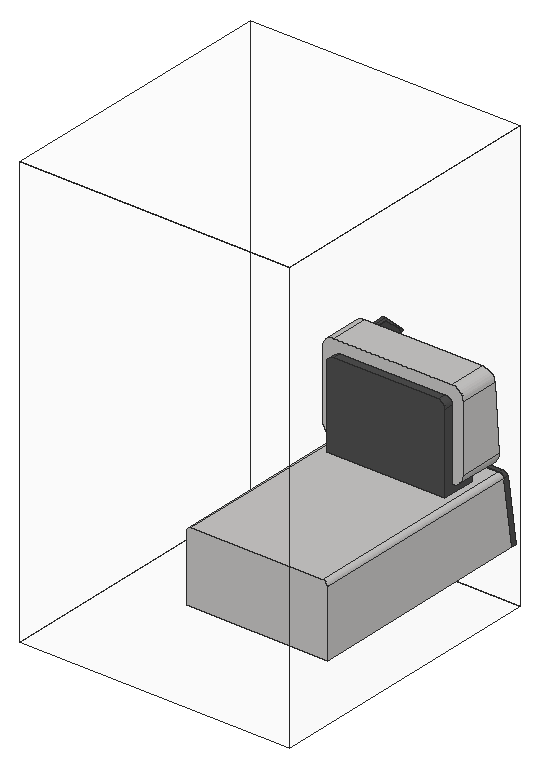
Revit family "Drinking_Fountain-Haws_Corporation_1201S-1201SF", category Plumbing Fixtures, host Face, Revit 2017
Family settings
  Host = Face
  Round Connector Dimension = Use Diameter
  Part Type = Normal
  OmniClass Number = 23.45.05.00
  Cut with Voids When Loaded = No
  Shared = No
  Room Calculation Point = No
Parameters (values of type "1201SF")
  URL = "www.hawsco.com"
  Tap Elevation Offset Control [instance] = if(Child ADA, 0' 6" + 1' 11 125/128", if(Adult ADA, 0' 9 1/16" + 1' 11 125/128", if(Adult Standing, 1' 2 1/4" + 1' 11 125/128", Tap Elevation Offset)))  # 3' - 2 29/128"
  Tap Elevation Offset = 2' - 9"
  Product data url = "https://bimobject.com/hawscorporation/product/haws-1201s"
  Product Guid = "18b54997-3865-4947-bfd4-783f8d74b3c9"
  Option 04 = Clearance : Alcove Installation Parallel Approach
  Option 03 = Clearance : Alcove Installation Forward Approach
  Option 02 = Clearance : Parallel Approach
  Option 01 = Clearance : Forward Approach
  Model = "1201SF"
  Material Plastic = Plastic - Haws Corporation - Black
  Material Enclosure = Metal - Haws Corporation - Satin Stainless Steel
  Material Bubbler = Metal - Haws Corporation - Silver Powder Coated Finish
  Material Bracket = Metal - Haws Corporation - Silver Powder Coated Finish
  Material Bowl = Metal - Haws Corporation - Silver Powder Coated Finish
  Manufacturer = "Haws Corporation"
  Keynote = "15410.A1"
  Filter = yes
  Edition number = 1
  Description = "Single, stainless steel, filtered electric water cooler"
  Default Elevation = 0' - 0"
  Clearance Visibility [instance] = yes
  Clearance  Width [instance] = if(Clearance = Option 01, 2' 6", if(Clearance = Option 02, 4' 0", if(Clearance = Option 03, 3' 0", 5' 0")))  # 2' - 6"
  Clearance  Offset [instance] = if(Clearance = Option 01, 0' 0", if(Clearance = Option 02, 1' 6 189/256", if(Clearance = Option 03, 0' 0", 1' 6 189/256")))  # 0' - 0"
  Clearance  Depth [instance] = if(Clearance = Option 01, 4' 0", if(Clearance = Option 02, 2' 6", if(Clearance = Option 03, 5' 0", 3' 0")))  # 4' - 0"
  Clearance [instance] = Clearance : Forward Approach
  Child ADA [instance] = no
  Assembly Code = "D2010810"
  Adult Standing [instance] = yes
  Adult ADA [instance] = no
Types (2): name | Model | Filter | Description
  1201S | "1201S" | no | "Single, stainless steel electric water cooler"
  1201SF | "1201SF" | yes | "Single, stainless steel, filtered electric water cooler"
Reference planes (in)
  plane 1 "Center (Front/Back)": y = 0
  plane 2: z = 0
  plane 3 "Center (Left/Right)": x = 0
  plane 4: z = 7.875
  plane 5: z = 18.74016
  plane 6: y = 14.25018
  plane 7: y = 32.20294
  plane 8: y = 38.22656
  plane 9: x = -7.84375
  plane 10: x = 7.84375
  plane 11: x = -2.625
  plane 12: y = 25.07007
  plane 13: x = -4.25
  plane 14: y = 17.19507
  plane 15: x = -15
  plane 16: x = 15
  plane 17: z = 48
  plane 18: y = 40.50018
  plane 19: z = 0
Forms (in)
  Extrusion 1, solid, not visible
    sketch origin (0, 0, 0) x (1, 0, 0) y (0, 1, 0)
      loop
        circle (-2.625, 25.07007) r 0.625
    from 0 to 1.9685
  Extrusion 2, solid, not visible
    sketch origin (0, 0, 0) x (1, 0, 0) y (0, 1, 0)
      loop
        circle (-4.25, 17.19507) r 0.18701
    from 0 to 1.9685
  Sweep 3, solid, material "Clearance", visible <- "Clearance Visibility"
    path origin (0, 0, 0) x (0, 1, 0) y (0, 0, 1)
      loop
        line (0, 0) -> (32.20294, 0)
    profile origin (0, 16.10147, 0) x (0, 0, 1) y (1, 0, 0)
      loop
        line (48, -15) -> (48, 15) -> (0, 15) -> (0, -15) -> (48, -15)
Lines and regions (in)
  symbolic lines, style "PlumbingFixturesHiddenLines", visible <- "Clearance Visibility"
    curve 1: line (-15, 0, 48) -> (15, 0, 48)
    curve 2: line (-15, 0, 0) -> (-15, 0, 48)
    curve 3: line (15, 0, 0) -> (-15, 0, 0)
    curve 4: line (15, 0, 48) -> (15, 0, 0)
Dimensions and locks (in)
  locked: plane 4 to plane 2 at 7.875
  locked: plane 5 to plane 2 at 18.74016
  "Tap Elevation Offset Control": plane 8 to plane 1 "Center (Front/Back)"
  locked: plane 8 to plane 7 at 6.02362
  locked: plane 7 to plane 6 at 17.95276
  plane 9 to plane 3 "Center (Left/Right)" to plane 10 = 0' - 7 27/32" locked, 0' - 7 27/32" locked
  locked: plane 11 to plane 3 "Center (Left/Right)" at 2.625
  locked: plane 13 to plane 3 "Center (Left/Right)" at 4.25
  locked: plane 8 to plane 14 at 21.0315
  locked: plane 8 to plane 12 at 13.1565
  plane 1 "Center (Front/Back)" to plane 6 = 1' - 2.25018"
  equal spacing: plane 16, plane 3 "Center (Left/Right)", plane 15
  "Clearance  Width": plane 16 to plane 15
  locked: plane 8 to plane 18 at 2.27362
  "Clearance  Offset": plane 19 to plane 2
  "Clearance  Depth": plane 17 to plane 19
  aligned and locked: plane 2 to host face
  aligned and locked: level to host face
  aligned and locked: nested 1 to plane 3 "Center (Left/Right)"
  aligned and locked: plane 2 to nested 1
  aligned and locked: nested 1 to plane 6
  aligned and locked: nested 2 to plane 7
  aligned and locked: nested 2 to plane 4
  aligned and locked: nested 1 to plane 9
  aligned and locked: plane 9 to nested 2
  aligned and locked: plane 12 to Extrusion 1 sketch curve
  aligned and locked: Extrusion 1 sketch curve to plane 11
  aligned and locked: plane 14 to Extrusion 2 sketch curve
  aligned and locked: plane 13 to Extrusion 2 sketch curve
  aligned and locked: plane 8 to nested 3
  aligned and locked: nested 3 to plane 3 "Center (Left/Right)"
  aligned and locked: host face to nested 3
  aligned and locked: nested 4 to plane 4
  aligned and locked: plane 10 to nested 4
  aligned and locked: plane 2 to Sweep 3 sketch curve
  aligned and locked: plane 1 "Center (Front/Back)" to Sweep 3 sketch curve
  aligned and locked: plane 17 to Sweep 3 sketch curve
  aligned and locked: Sweep 3 sketch curve to plane 15
  aligned and locked: Sweep 3 sketch curve to plane 19
  aligned and locked: Sweep 3 sketch curve to plane 16
  aligned and locked: curve 1 to plane 17
  aligned and locked: curve 2 to Sweep 3
  aligned and locked: curve 4 to plane 16
  aligned and locked: plane 19 to curve 3
  aligned and locked: plane 7 to Sweep 3 sketch curve
Automatic sketch dimensions
  host sketch curve to host sketch curve = 8' - 0"  (x2)
  radius of Extrusion 1 sketch curve = 0' - 0 5/8"
  radius of Extrusion 2 sketch curve = 0' - 0.18701"
Nested families (in)
  nested 1: "ChillerBase" at (-7.84375, 5.18768, 0) x (1, 0, 0) z (0, 1, 0), Material - Enclosure <- "Material Enclosure", Material - Plastic <- "Material Plastic", type "Chiller"
    with Material - Plastic Plastic - Haws Corporation - Black, Material - Enclosure Metal - Haws Corporation - Satin Stainless Steel
  nested 2: "BASIN" at (-7.84375, 5.20294, 0) x (1, 0, 0) z (0, 1, 0), Material - Bowl <- "Material Bowl", Material - Bubbler <- "Material Bubbler", Material Plastic <- "Material Plastic", type "BASIN"
    with Material Plastic Plastic - Haws Corporation - Black, Material - Bubbler Metal - Haws Corporation - Silver Powder Coated Finish, Material - Bowl Metal - Haws Corporation - Silver Powder Coated Finish
  nested 3: "MOUNTING BRACKET" at (-5.875, 37.97656, 0.125) x (1, 0, 0) z (0, 1, 0), Material - Bracket <- "Material Bracket", type "MOUNTING BRACKET", not visible
    with Water Supply Valve Area no, Material - Bracket Metal - Haws Corporation - Silver Powder Coated Finish, Electric Receptacle Area no
  nested 4: "1200_DC" at (-0.01094, 0, 0) x (-1, 0, 0) z (0, -1, 0), type "1200_DC"
    with Bottle Filler no
Connectors (in)
  electrical at (0, 27.12518, 0)
    settings: on nested 1, index 1, voltage 120 V, apparent load 0 VA, apparent load phase1 0 VA, apparent load phase2 0 VA, apparent load phase3 0 VA, power factor 1, load classification "Power", number of poles 1, system type 30, power factor state 1, is connector primary yes, connector utility no, sub classification motor no, connector description "GFI Receptacle"
  piping at (-2.625, 25.07007, 0), diameter 1.25
    settings: on Extrusion 1, index 2, connector inside diameter 609.6 mm, connector length 0' - 0", flow factor 0, pipe flow 0.0 GPM, pressure drop 0.0 Pa, fitting loss kfactor 0, connector angle 0.00°, fixture units 0, engagement length 0' - 0", angle of deflection 0.00°, flow configuration 0, flow direction 2, fitting loss method 0, system type 16, joint type 0, gender type 0, connector reference index -1, connector utility 0, adjustable connector no, is connector primary yes, connector description "Drain"
  piping at (-4.25, 17.19507, 0), diameter 0.37402
    settings: on Extrusion 2, index 3, connector inside diameter 609.6 mm, connector length 0' - 0", flow factor 0, pipe flow 0.0 GPM, pressure drop 0.0 Pa, fitting loss kfactor 0, connector angle 0.00°, fixture units 0, engagement length 0' - 0", angle of deflection 0.00°, flow configuration 0, flow direction 1, fitting loss method 0, system type 20, joint type 0, gender type 0, connector reference index -1, connector utility 0, adjustable connector no, is connector primary no, connector description "Supply Valve"
Definition of nested family "ChillerBase"
  Parameters (values of type "Chiller")
    Without Chiller = no
    With Chiller = yes
    Toe Clearance [instance] = 0' - 9 1/16"
    Material - Plastic [instance] = none
    Material - Enclosure [instance] = none
    Default Elevation = 4' - 0"
  Reference planes (in)
    plane 1 "Center (Front/Back)": y = 0
    plane 2: z = 0
    plane 3 "Center (Left/Right)": x = 0
    plane 4: x = 15.6875
    plane 5: y = 7.875
    plane 6: z = 9.0625
    plane 7: z = 35.3125
    plane 8: z = 24.8
    plane 9: y = 3.75
    plane 10 "CENTER": x = 7.84375
    plane 11: z = 23.52878
  Forms (in)
    Extrusion 1, solid, material <- "Material - Enclosure"
      sketch origin (0, 0, 0) x (1, 0, 0) y (0, 1, 0)
        loop
          line (15.1877, 7.875) -> (0.49978, 7.875)
          arc (0.49978, 7.875) -> (0.14638, 7.72862) -> (0, 7.37522) r 0.49978
          line (0, 7.37522) -> (0, 0) -> (15.6875, 0) -> (15.6875, 7.3752)
          arc (15.6875, 7.3752) -> (15.54111, 7.72861) -> (15.1877, 7.875) r 0.4998
      from 9.0625 to 35.3125
    Extrusion 2, void
      sketch origin (7.84375, 0, 0) x (0, 0, 1) y (0, -1, 0)
        loop
          line (35.3125, 0) -> (34.8125, 0) -> (33.5625, -7.875) -> (35.3125, -7.875) -> (35.3125, 0)
      from -7.84375 to 7.84375
  Cuts and joins
    Extrusion 2 cuts Extrusion 1
  Dimensions and locks (in)
    plane 6 to level = 0' - 9 1/16"
    locked: plane 5 to plane 1 "Center (Front/Back)" at 7.875
    locked: plane 7 to plane 6 at 26.25
    "Toe Clearance": plane 6 to level
    aligned and locked: plane 2 to level
    aligned and locked: Extrusion 1 sketch curve to plane 3 "Center (Left/Right)"
    aligned and locked: plane 1 "Center (Front/Back)" to Extrusion 1 sketch curve
    aligned and locked: plane 4 to Extrusion 1 sketch curve
    aligned and locked: plane 5 to Extrusion 1 sketch curve
    aligned and locked: plane 4 to Extrusion 2
    aligned and locked: Extrusion 2 to plane 3 "Center (Left/Right)"
  Automatic sketch dimensions
    Extrusion 1 sketch curve to plane 5 = 0' - 0.49978"
    Extrusion 1 sketch curve to plane 5 = 0' - 0.4998"
    Extrusion 2 sketch curve to plane 5 = 0' - 0"
    Extrusion 2 sketch curve to plane 1 "Center (Front/Back)" = 0' - 0"
    Extrusion 2 sketch curve to plane 7 = 0' - 0"
    Extrusion 2 sketch curve to plane 7 = 0' - 0 1/2"
    Extrusion 2 sketch curve to plane 7 = 0' - 1 3/4"
  Nested families (in)
    nested 1: "ch_top" at (0, 0, 0), Material - Plastic <- "Material - Plastic", type "ch_top"
      with Material - Plastic none
  Definition of nested family "ch_top"
    Parameters (values of type "ch_top")
      Material - Plastic [instance] = none
    Reference planes (in)
      plane 1 "Center (Front/Back)": y = 0
      plane 2: z = 0
      plane 3 "Center (Left/Right)": x = 0
    Forms (in)
      Extrusion 1, solid, material <- "Material - Plastic"
        sketch origin (0, 0, 0) x (0, 1, 0) y (0, 0, 1)
          loop
            line (0, 34.8125) -> (7.87526, 33.56246) -> (7.87526, 34.06246) -> (0, 35.3125) -> (0, 34.8125)
        from 0 to 15.6875
      Extrusion 2, void
        sketch origin (0, 0, 0) x (1, 0, 0) y (0, 1, 0)
          loop
            line (0, 7.87526) -> (0, 7.37526)
            arc (0, 7.37526) -> (0.14645, 7.72882) -> (0.5, 7.87526) r 0.5
            line (0.5, 7.87526) -> (0, 7.87526)
          loop
            line (15.6875, 7.87526) -> (15.1875, 7.87526)
            arc (15.1875, 7.87526) -> (15.54105, 7.72882) -> (15.6875, 7.37526) r 0.5
            line (15.6875, 7.37526) -> (15.6875, 7.87526)
        from 0 to 43.54723
    Cuts and joins
      Extrusion 2 cuts Extrusion 1
    Dimensions and locks (in)
      aligned and locked: plane 2 to level
Definition of nested family "BASIN"
  Parameters (values of type "BASIN")
    Material Push = none
    Material Plastic [instance] = none
    Material - Bubbler [instance] = none
    Material - Bowl [instance] = none
    Default Elevation = 4' - 0"
  Reference planes (in)
    plane 1 "Center (Front/Back)": y = 0
    plane 2: z = 0
    plane 3 "Center (Left/Right)": x = 0
    plane 4: x = 15.6875
    plane 5 "Front": y = -18.75
    plane 6: y = -7.875
    plane 7 "BOT OF FIXTURE": z = 27
    plane 8: z = 33
    plane 9: z = 30.67633
    plane 10: z = 33
    plane 11: y = -8.875
    plane 12: x = 14.4375
    plane 13: x = 1.25
    plane 14: y = -17.5
    plane 15 "Top of Basin": through (0, -8.8748, 33.00002) normal (0, -0.0769, 0.997)
  Forms (in)
    Extrusion 1, solid, material <- "Material - Bowl"
      sketch origin (0, 0, 0) x (0, 1, 0) y (0, 0, 1)
        loop
          line (-8.875, 28) -> (-8.875, 33) -> (-18.75, 32.23955) -> (-18.75, 28) -> (-8.875, 28)
      from 0 to 15.6875
    Extrusion 2, solid, material <- "Material Plastic"
      sketch origin (0, 0, 0) x (1, 0, 0) y (0, 1, 0)
        loop
          arc (13.6875, -17.5) -> (14.21783, -17.28033) -> (14.4375, -16.75) r 0.75
          line (14.4375, -16.75) -> (14.4375, -7.875) -> (1.25, -7.875) -> (1.25, -16.75)
          arc (1.25, -16.75) -> (1.46967, -17.28033) -> (2, -17.5) r 0.75
          line (2, -17.5) -> (13.6875, -17.5)
      from 27 to 30.67633
    Extrusion 3, void
      sketch origin (0, 0, 0) x (1, 0, 0) y (0, 1, 0)
        loop
          arc (15.6875, -17.5) -> (15.32138, -18.38388) -> (14.4375, -18.75) r 1.25
          line (14.4375, -18.75) -> (15.6875, -18.75) -> (15.6875, -17.5)
      from 27 to 36.45084
    Extrusion 4, void
      sketch origin (15.6875, 0, 0) x (-1, 0, 0) y (0, -1, 0)
        loop
          line (15.6875, 17.5) -> (15.6875, 18.75) -> (14.4375, 18.75)
          arc (14.4375, 18.75) -> (15.32138, 18.38388) -> (15.6875, 17.5) r 1.25
      from 25.52501 to 36.45084
    Extrusion 5, void
      sketch origin (0, -27.625, 0) x (1, 0, 0) y (0, 1, 0)
        loop
          line (15.6875, 17.5) -> (15.6875, 18.75) -> (14.4375, 18.75)
          arc (14.4375, 18.75) -> (15.32138, 18.38388) -> (15.6875, 17.5) r 1.25
      from 27 to 36.45084
    Extrusion 6, void
      sketch origin (15.6875, -27.625, 0) x (-1, 0, 0) y (0, -1, 0)
        loop
          arc (15.6875, -17.5) -> (15.32138, -18.38388) -> (14.4375, -18.75) r 1.25
          line (14.4375, -18.75) -> (15.6875, -18.75) -> (15.6875, -17.5)
      from 22.50179 to 34.40112
    Blend 7, void
      base sketch origin (0, -2.58188, 33.48523) x (0, 0.997041, 0.076877) y (-1, 0, 0)
        loop
          arc (-10.3847, -7.35327) -> (-10.45792, -7.17649) -> (-10.6347, -7.10327) r 0.25
          line (-10.6347, -7.10327) -> (-11.6347, -7.10327)
          arc (-11.6347, -7.10327) -> (-11.81148, -7.17649) -> (-11.8847, -7.35327) r 0.25
          line (-11.8847, -7.35327) -> (-11.8847, -8.30394)
          arc (-11.8847, -8.30394) -> (-11.81148, -8.48071) -> (-11.6347, -8.55394) r 0.25
          line (-11.6347, -8.55394) -> (-10.6347, -8.55394)
          arc (-10.6347, -8.55394) -> (-10.45792, -8.48071) -> (-10.3847, -8.30394) r 0.25
          line (-10.3847, -8.30394) -> (-10.3847, -7.35327)
      top sketch origin (0, -2.58188, 33.48523) x (0, 0.997041, 0.076877) y (-1, 0, 0)
        loop
          arc (-7.56468, -15.1873) -> (-7.03268, -14.96796) -> (-6.8116, -14.43668) r 0.75186
          line (-6.8116, -14.43668) -> (-6.8118, -1.25)
          arc (-6.8118, -1.25) -> (-7.03268, -0.71954) -> (-7.56468, -0.5002) r 0.75186
          line (-7.56468, -0.5002) -> (-14.96315, -0.5002)
          arc (-14.96315, -0.5002) -> (-15.49515, -0.71954) -> (-15.71624, -1.25082) r 0.75186
          line (-15.71624, -1.25082) -> (-15.71604, -14.4375)
          arc (-15.71604, -14.4375) -> (-15.49515, -14.96796) -> (-14.96315, -15.1873) r 0.75186
          line (-14.96315, -15.1873) -> (-7.56468, -15.1873)
      from -1.61655 to 0.00048
  Cuts and joins
    Extrusion 3, Extrusion 4, Extrusion 5, Extrusion 6, Blend 7 cuts Extrusion 1
  Dimensions and locks (in)
    locked: plane 6 to plane 1 "Center (Front/Back)" at 7.875
    locked: plane 5 "Front" to plane 1 "Center (Front/Back)" at 18.75
    locked: plane 3 "Center (Left/Right)" to plane 4 at 15.6875
    plane 6 to plane 1 "Center (Front/Back)" = 0' - 7 7/8"
    plane 10 to level = 2' - 9"
    plane 8 to plane 7 "BOT OF FIXTURE" = 0' - 6"
    plane 3 "Center (Left/Right)" to plane 13 = 0' - 1 1/4"
    plane 12 to plane 4 = 0' - 1 1/4"
    aligned and locked: plane 2 to level
    aligned and locked: plane 4 to Extrusion 1
    aligned and locked: Extrusion 1 sketch curve to plane 11
    aligned and locked: Extrusion 2 to plane 7 "BOT OF FIXTURE"
    aligned and locked: plane 9 to Extrusion 2
    aligned and locked: plane 14 to Extrusion 2
  Nested families (in)
    nested 1: "Bubbler" at (1.63439, -17.12392, 32.25) x (-0.7084, -0.7058, 0) z (0, 0, 1), Bubbler <- "Material - Bubbler", type "Bubbler"
      with Bubbler none
  Definition of nested family "Bubbler"
    Parameters (values of type "Bubbler")
      Plastic = none
      Bubbler [instance] = none
      Basin Metal = none
    Reference planes (in)
      plane 1 "Center (Front/Back)": y = 0
      plane 2: z = 0
      plane 3 "Center (Left/Right)": x = 0
    Forms (in)
      Extrusion 1, solid, material <- "Bubbler"
        sketch origin (0, 0, 0) x (1, 0, 0) y (0, 0, 1)
          loop
            line (-1.12297, 0) -> (0.37703, 0) -> (0.37703, 1.2086) -> (-1.12297, 0.75) -> (-1.12297, 0)
        from -0.78431 to 0.80863
      Extrusion 2, solid, material <- "Plastic"
        sketch origin (0, 0, 0) x (1, 0, 0) y (0, 0, 1)
          loop
            line (0.37703, 0) -> (0.81004, 0) -> (0.81004, 2.20724) -> (-1.12297, 3.32326) -> (-1.12297, 3.07326) -> (0.37703, 2.20724) -> (0.37703, 1.2086) -> (0.37703, 0)
        from -0.78431 to 0.80863
      Extrusion 3, void
        sketch origin (0, 0, 0) x (1, 0, 0) y (0, 1, 0)
          loop
            line (-1.57218, 1.12176) -> (-1.57218, -1.28109) -> (1.28835, -1.28109) -> (1.28835, 1.12176) -> (-1.57218, 1.12176)
          loop
            arc (-0.87297, 0.78431) -> (-1.04975, 0.71109) -> (-1.12297, 0.53431) r 0.25
            line (-1.12297, 0.53431) -> (-1.12297, -0.55863)
            arc (-1.12297, -0.55863) -> (-1.04975, -0.73541) -> (-0.87297, -0.80863) r 0.25
            line (-0.87297, -0.80863) -> (0.56004, -0.80863)
            arc (0.56004, -0.80863) -> (0.73681, -0.73541) -> (0.81004, -0.55863) r 0.25
            line (0.81004, -0.55863) -> (0.81004, 0.53431)
            arc (0.81004, 0.53431) -> (0.73681, 0.71109) -> (0.56004, 0.78431) r 0.25
            line (0.56004, 0.78431) -> (-0.87297, 0.78431)
        from 0 to 12
      Extrusion 4, solid, material <- "Bubbler"
        sketch origin (-0.01661, 0, 0.01412) x (0.956305, 0, 0.292372) y (0, 1, 0)
          loop
            circle (0, 0) r 0.25
          loop
            circle (0, 0) r 0.09887
        from 0.69484 to 1.2086
      Blend 5, solid, material <- "Basin Metal"
        base sketch origin (-0.31294, -0.03599, 0) x (-1, 0, 0) y (0, -1, 0)
          loop
            arc (-1.18794, 0.96401) -> (-1.27633, 0.9274) -> (-1.31294, 0.83901) r 0.125
            line (-1.31294, 0.83901) -> (-1.31294, -0.89299)
            arc (-1.31294, -0.89299) -> (-1.27633, -0.98138) -> (-1.18794, -1.01799) r 0.125
            line (-1.18794, -1.01799) -> (1.40443, -1.01799)
            arc (1.40443, -1.01799) -> (1.86072, -0.02699) -> (1.40443, 0.96401) r 1.30431
            line (1.40443, 0.96401) -> (-1.18794, 0.96401)
        top sketch origin (-0.31294, -0.03599, 0) x (-1, 0, 0) y (0, -1, 0)
          loop
            line (0.56004, 0.78431) -> (-0.87297, 0.78431)
            arc (-0.87297, 0.78431) -> (-1.04975, 0.71109) -> (-1.12297, 0.53431) r 0.25
            line (-1.12297, 0.53431) -> (-1.12297, -0.55863)
            arc (-1.12297, -0.55863) -> (-1.04975, -0.73541) -> (-0.87297, -0.80863) r 0.25
            line (-0.87297, -0.80863) -> (0.56004, -0.80863)
            arc (0.56004, -0.80863) -> (0.73681, -0.73541) -> (0.81004, -0.55863) r 0.25
            line (0.81004, -0.55863) -> (0.81004, 0.53431)
            arc (0.81004, 0.53431) -> (0.73681, 0.71109) -> (0.56004, 0.78431) r 0.25
        from -0.64185 to 0.42162
    Cuts and joins
      Extrusion 3 cuts Extrusion 1
      Extrusion 3 cuts Extrusion 2
    Dimensions and locks (in)
      aligned and locked: plane 2 to level
      aligned and locked: Extrusion 2 to Extrusion 1
      aligned and locked: Extrusion 1 to Extrusion 2
Definition of nested family "MOUNTING BRACKET"
  Parameters (values of type "MOUNTING BRACKET")
    Water Supply Valve Area [instance] = yes
    Material - Bracket [instance] = none
    Electric Receptacle Area [instance] = yes
    Default Elevation = 4' - 0"
  Reference planes (in)
    plane 1 "Center (Front/Back)": y = 0
    plane 2: z = 0
    plane 3 "Center (Left/Right)": x = 0
    plane 4: x = 11.75
    plane 5: z = 1.5
    plane 6: x = 5.875
    plane 7: z = 0.25
  Forms (in)
    Extrusion 1, solid, material <- "Material - Bracket"
      sketch origin (0, 0, 0) x (1, 0, 0) y (0, 0, 1)
        loop
          line (11.75, 1.5) -> (0, 1.5) -> (0, 0) -> (11.75, 0) -> (11.75, 1.5)
      from 0 to 0.125
    Extrusion 2, void
      sketch origin (0, 0, 0) x (1, 0, 0) y (0, 0, 1)
        loop
          circle (0.36164, 1.26702) r 0.125
        loop
          circle (0.36164, 0.26702) r 0.125
        loop
          circle (11.36164, 1.26702) r 0.125
        loop
          circle (11.36164, 0.26702) r 0.125
      from 0 to 12
  Cuts and joins
    Extrusion 2 cuts Extrusion 1
  Lines and regions (in)
    model lines, visible <- "Water Supply Valve Area"
      curve 1: line (5.875, 0, -2.5) -> (5.875, 0, -11.875)
      curve 2: line (5.875, 0, -11.875) -> (3, 0, -11.875)
      curve 3: line (3, 0, -11.875) -> (3, 0, -17.875)
      curve 4: line (0.125, 0, -3.875) -> (0.125, 0, -13.125)
      curve 5: line (0.125, 0, -13.125) -> (1.18566, 0, -14.18566)
      curve 6: line (1.18566, 0, -14.18566) -> (1.18566, 0, -15.18566)
      curve 7: line (1.18566, 0, -15.18566) -> (0.125, 0, -16.24632)
      curve 8: line (0.125, 0, -16.24632) -> (0.125, 0, -17.875)
      curve 9: line (0.125, 0, -17.875) -> (3, 0, -17.875)
      curve 10: line (5.875, 0, -2.5) -> (2, 0, -2.5)
      curve 11: line (2, 0, -2.5) -> (2, 0, -15.75)
      curve 12: line (2, 0, -15.75) -> (0.62132, 0, -15.75)
      curve 13: line (2, 0, -3.875) -> (0.125, 0, -3.875)
    model lines, visible <- "Electric Receptacle Area"
      curve 14: line (1.75, 0, -1) -> (1.75, 0, -6.25)
      curve 15: line (5.875, 0, -1) -> (1.75, 0, -1)
      curve 16: line (7.875, 0, -3) -> (11.875, 0, -3)
      curve 17: line (5.875, 0, -1) -> (7.875, 0, -1)
      curve 18: line (7.875, 0, -1) -> (7.875, 0, -3)
      curve 19: line (11.875, 0, -3) -> (11.875, 0, -10.625)
      curve 20: line (11.875, 0, -10.625) -> (8.125, 0, -10.625)
      curve 21: line (8.125, 0, -10.625) -> (8.125, 0, -14)
      curve 22: line (8.125, 0, -14) -> (5.875, 0, -14)
      curve 23: line (5.875, 0, -14) -> (0.875, 0, -14)
      curve 24: line (0.875, 0, -14) -> (-0.00888, 0, -13.11612)
      curve 25: line (-0.00888, 0, -13.11612) -> (-0.00888, 0, -6.25)
      curve 26: line (-0.00888, 0, -6.25) -> (1.75, 0, -6.25)
  Dimensions and locks (in)
    plane 5 to level = 0' - 1 1/2"
    plane 4 to plane 3 "Center (Left/Right)" = 0' - 11 3/4"
    locked: plane 7 to level at 0.25
    aligned and locked: plane 2 to level
    aligned and locked: plane 4 to Extrusion 1
    aligned and locked: plane 5 to Extrusion 1
    aligned and locked: Extrusion 1 to plane 3 "Center (Left/Right)"
    aligned and locked: Extrusion 1 to level
Definition of nested family "1200_DC"
  Parameters (values of type "1200_DC")
    Bottle Filler [instance] = yes
  Reference planes (in)
    plane 1 "Center (Front/Back)": y = 0
    plane 2: z = 0
    plane 3 "Center (Left/Right)": x = 0
    plane 4: y = 7.875
  Lines and regions (in)
    detail lines, in view "Ref. Level"
      curve 1: line (-6.58881, 8.875, 0) -> (6.59869, 8.875, 0)
      curve 2: arc (-6.58881, 8.875, 0) -> (-7.4727, 9.24112, 0) -> (-7.83881, 10.125, 0) r 1.25
      curve 3: line (-7.83881, 17.5, 0) -> (-7.83881, 10.125, 0)
      curve 4: arc (-7.83881, 17.5, 0) -> (-7.4727, 18.38388, 0) -> (-6.58881, 18.75, 0) r 1.25
      curve 5: line (6.59869, 18.75, 0) -> (-6.58881, 18.75, 0)
      curve 6: arc (6.59869, 18.75, 0) -> (7.48257, 18.38388, 0) -> (7.84869, 17.5, 0) r 1.25
      curve 7: line (7.84869, 10.125, 0) -> (7.84869, 17.5, 0)
      curve 8: arc (7.84869, 10.125, 0) -> (7.48257, 9.24112, 0) -> (6.59869, 8.875, 0) r 1.25
      curve 56: line (-6.58881, 8.875, 0) -> (-6.58881, 7.875, 0)
      curve 57: line (6.59869, 8.875, 0) -> (6.59869, 7.875, 0)
      curve 58: line (7.83281, 0, 0) -> (7.83281, 7.47854, 0)
      curve 59: line (-7.85469, 0, 0) -> (-7.85469, 7.47854, 0)
      curve 60: line (-7.85469, 0, 0) -> (7.83281, 0, 0)
      curve 61: arc (-7.85469, 7.47854, 0) -> (-7.73857, 7.75888, 0) -> (-7.45823, 7.875, 0) r 0.39646
      curve 62: arc (7.43635, 7.875, 0) -> (7.71669, 7.75888, 0) -> (7.83281, 7.47854, 0) r 0.39646
      curve 63: line (7.43635, 7.875, 0) -> (-7.45823, 7.875, 0)
      curve 68: line (-6.58881, 7.875, 0) -> (6.59869, 7.875, 0)
    detail lines, in view "Ref. Level", detail levels medium+fine
      curve 9: line (6.63657, 9.37447, 0) -> (-6.60871, 9.37447, 0)
      curve 10: line (-7.34008, 10.25081, 0) -> (-7.34008, 17.50081, 0)
      curve 11: spline (-7.33872, 17.50081, 0) -> (-7.33294, 17.59886, 0) -> (-7.31428, 17.69529, 0) -> (-7.28307, 17.78844, 0) -> (-7.23984, 17.8767, 0) -> (-7.18536, 17.95852, 0) -> (-7.12056, 18.03249, 0) -> (-7.04657, 18.09732, 0) -> (-6.96468, 18.1519, 0) -> (-6.8763, 18.19526, 0) -> (-6.78297, 18.22667, 0) -> (-6.68631, 18.24557, 0) -> (-6.58799, 18.25164, 0)
      curve 12: line (-6.58799, 18.25249, 0) -> (5.9497, 18.25249, 0)
      curve 13: line (7.3471, 16.84683, 0) -> (7.3471, 10.07661, 0)
      curve 14: spline (7.3471, 10.07661, 0) -> (7.33555, 9.98655, 0) -> (7.31322, 9.89853, 0) -> (7.28045, 9.81383, 0) -> (7.23771, 9.73367, 0) -> (7.18562, 9.65922, 0) -> (7.12493, 9.59155, 0) -> (7.05652, 9.53165, 0) -> (6.98139, 9.48038, 0) -> (6.90063, 9.4385, 0) -> (6.81541, 9.4066, 0) -> (6.72696, 9.38516, 0) -> (6.63657, 9.37447, 0)
      curve 39: arc (5.70357, 15.20338, 0) -> (4.68083, 15.58336, 0) -> (4.30462, 16.6075, 0) r 1.30431
      curve 40: line (7.3471, 16.84683, 0) -> (5.70357, 15.20338, 0)
      curve 49: line (0.67887, 14.19232, 0) -> (4.34131, 16.18025, 0)
      curve 50: line (-0.61134, 14.21977, 0) -> (-7.12358, 17.97961, 0)
      curve 51: line (-7.11248, 9.63203, 0) -> (-0.62244, 12.93887, 0)
      curve 52: line (7.12947, 9.57646, 0) -> (0.61652, 12.89497, 0)
      curve 64: circle (0.02031, 13.5738, 0) r 0.90347 normal (0, 0, 1)
      curve 65: spline (-7.31924, 10.07661, 0) -> (-7.30769, 9.98655, 0) -> (-7.28536, 9.89853, 0) -> (-7.25259, 9.81383, 0) -> (-7.20985, 9.73367, 0) -> (-7.15776, 9.65922, 0) -> (-7.09707, 9.59155, 0) -> (-7.02866, 9.53165, 0) -> (-6.95353, 9.48038, 0) -> (-6.87277, 9.4385, 0) -> (-6.78755, 9.4066, 0) -> (-6.6991, 9.38516, 0) -> (-6.60871, 9.37447, 0)
      curve 66: line (5.9497, 18.25249, 0) -> (4.30462, 16.6075, 0)
    detail lines, in view "Ref. Level", detail levels fine
      curve 15: line (-0.32157, 12.9649, 0) -> (0.29102, 12.9649, 0)
      curve 16: line (0.29102, 13.11136, 0) -> (-0.32157, 13.11136, 0)
      curve 17: line (-0.47705, 13.2029, 0) -> (0.42639, 13.2029, 0)
      curve 18: line (0.42639, 13.34936, 0) -> (-0.47705, 13.34936, 0)
      curve 19: line (-0.47705, 13.72281, 0) -> (0.42639, 13.72281, 0)
      curve 20: line (0.42639, 13.86927, 0) -> (-0.47705, 13.86927, 0)
      curve 21: line (-0.3063, 13.97912, 0) -> (0.3063, 13.97912, 0)
      curve 22: line (0.3063, 14.12558, 0) -> (-0.3063, 14.12558, 0)
      curve 23: arc (0.3063, 13.97912, 0) -> (0.37953, 14.05235, 0) -> (0.3063, 14.12558, 0) r 0.07323
      curve 24: arc (0.42639, 13.72281, 0) -> (0.49962, 13.79604, 0) -> (0.42639, 13.86927, 0) r 0.07323
      curve 25: arc (0.57614, 13.47468, 0) -> (0.64937, 13.54791, 0) -> (0.57614, 13.62114, 0) r 0.07323
      curve 26: arc (0.42639, 13.2029, 0) -> (0.49962, 13.27613, 0) -> (0.42639, 13.34936, 0) r 0.07323
      curve 27: arc (0.29102, 12.9649, 0) -> (0.36425, 13.03813, 0) -> (0.29102, 13.11136, 0) r 0.07323
      curve 28: line (0.19734, 13.47468, 0) -> (0.57614, 13.47468, 0)
      curve 29: line (0.57614, 13.62114, 0) -> (0.19734, 13.62114, 0)
      curve 30: arc (0.19734, 13.62114, 0) -> (0.12411, 13.54791, 0) -> (0.19734, 13.47468, 0) r 0.07323
      curve 31: arc (-0.19678, 13.47468, 0) -> (-0.12355, 13.54791, 0) -> (-0.19678, 13.62114, 0) r 0.07323
      curve 32: line (-0.55996, 13.47468, 0) -> (-0.19678, 13.47468, 0)
      curve 33: line (-0.19678, 13.62114, 0) -> (-0.55996, 13.62114, 0)
      curve 34: arc (-0.55996, 13.62114, 0) -> (-0.63319, 13.54791, 0) -> (-0.55996, 13.47468, 0) r 0.07323
      curve 35: arc (-0.47705, 13.34936, 0) -> (-0.55028, 13.27613, 0) -> (-0.47705, 13.2029, 0) r 0.07323
      curve 36: arc (-0.32157, 13.11136, 0) -> (-0.39481, 13.03813, 0) -> (-0.32157, 12.9649, 0) r 0.07323
      curve 37: arc (-0.47705, 13.86927, 0) -> (-0.55028, 13.79604, 0) -> (-0.47705, 13.72281, 0) r 0.07323
      curve 38: arc (-0.3063, 14.12558, 0) -> (-0.37953, 14.05235, 0) -> (-0.3063, 13.97912, 0) r 0.07323
      curve 41: line (6.05744, 18.0748, 0) -> (5.04231, 17.06335, 0)
      curve 42: arc (5.04167, 16.7098, 0) -> (4.96877, 16.8867, 0) -> (5.04231, 17.06335, 0) r 0.25
      curve 43: line (5.04167, 16.7098, 0) -> (5.8131, 15.93557, 0)
      curve 44: arc (6.16665, 15.93493, 0) -> (5.98974, 15.86203, 0) -> (5.8131, 15.93557, 0) r 0.25
      curve 45: line (6.16665, 15.93493, 0) -> (7.18178, 16.94639, 0)
      curve 46: line (7.18242, 17.29994, 0) -> (6.41099, 18.07416, 0)
      curve 47: arc (7.18242, 17.29994, 0) -> (7.25532, 17.12303, 0) -> (7.18178, 16.94639, 0) r 0.25
      curve 48: arc (6.05744, 18.0748, 0) -> (6.23435, 18.14771, 0) -> (6.41099, 18.07416, 0) r 0.25
      curve 53: line (6.09869, 18.75, 0) -> (5.59869, 19.02757, 0)
      curve 54: line (5.59869, 19.02757, 0) -> (-5.58881, 19.02757, 0)
      curve 55: line (-5.58881, 19.02757, 0) -> (-6.08881, 18.75, 0)
    detail lines, in view "Ref. Level", visible <- "Bottle Filler"
      curve 67: line (-7.85469, 3.73927, 0) -> (7.83281, 3.73927, 0)
  Dimensions and locks (in)
    locked: plane 4 to plane 1 "Center (Front/Back)" at 7.875
